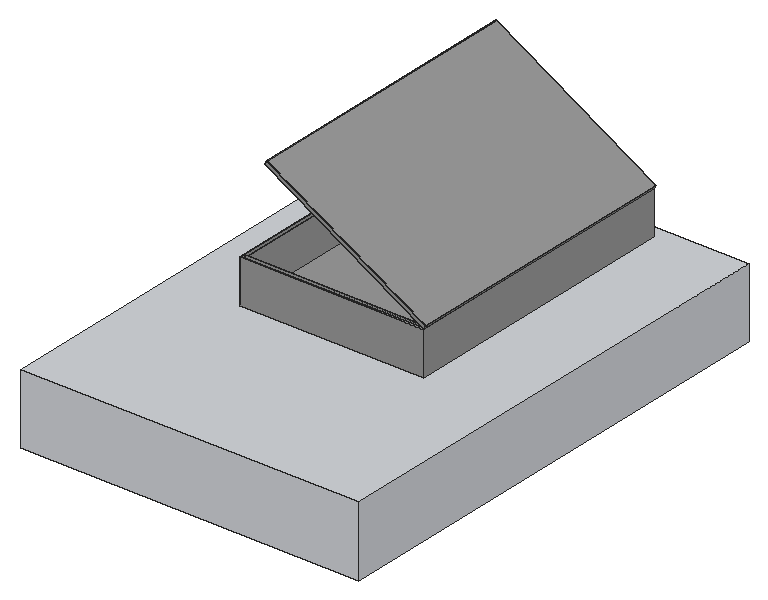
Revit family "Hager-Univers-IP44-D205-H1250-Cl.II-Encl-AT-de", category Equipement électrique, Revit 2020
Family settings
  Hôte = Face
  Configuration du panneau = Deux colonnes, circuits au sein
  Cote de connecteur circulaire = Utiliser le diamètre
  Type d'élément = Tableau de raccordement
  Couper avec des vides une fois chargée = Non
  Partagée = Non
  Point de calcul de pièce = Non
Parameters (values of type "Aufputz IP44 B800 H1250 T205  - FP83SN2")
  Width Control [instance] = if([EF000008 - Breite] > Min Width, [EF000008 - Breite], Min Width)  # 800 mm
  Commentaires du type = [HG000003 - Bereich]  # "Univers"
  Thickness Door [instance] = if([EF009171 - Materialstärke Tür/Deckel] > 3 mm, 3 mm, [EF009171 - Materialstärke Tür/Deckel])  # 1 mm
  Seal Frame Offset [instance] = 17 mm  # constant formula
  Plinth Visibility [instance] = [HG000027 - Sockelhöhe] > 0 mm  # no
  Model = ""
  Min Width [instance] = 100 mm  # constant formula
  Min Height [instance] = 100 mm  # constant formula
  Min Depth [instance] = (2 * [EF009170 - Materialstärke Gehäuse]) + 1 mm  # 3 mm
  Internal Frame Depth [instance] = (Door System Depth * 0.5)  # 9 mm
  Height Control [instance] = if([EF000040 - Höhe] > Min Height, [EF000040 - Höhe], Min Height)  # 1250 mm
  HG000027 - Sockelhöhe = 0 mm
  HG000026 - Stehend auf dem Boden = no
  HG000024 - Höhe des unteren Teils = 800 mm
  HG000023 - Gehäuse mit doppeltem Querschnitt = no
  HG000016 - 3D-Türsichtbarkeit [instance] = yes
  HG000015 - Sichtbarkeit der Türöffnung [instance] = no
  HG000014 - Tür rechts [instance] = yes
  HG000013 - Tür links [instance] = not([HG000014 - Tür rechts])  # no
  HG000012 - Türschwenkwinkel [instance] = 30.00°
  HG000010 - Asymmetrische Türen = no
  HG000009 - Doppelflügeligen Tür = no
  HG000006 - Unterputz = no
  HG000004 - Herstellerreferenz = "FP83SN2"
  HG000003 - Bereich = "Univers"
  HG000002 - Mit tür = yes
  Frame Offset Bottom [instance] = 10 mm  # constant formula
  Frame Offset [instance] = 15 mm  # constant formula
  EF015940 - Deckel mit Überdruckentlastung = no
  EF011959 - Schutzart (NEMA) = ""
  EF009554 - Anzahl der Öffnungen für Flanschplatten = 6
  Fabricant = "Hager"  # constant formula
  EF009212 - Ausführung Deckel = "EV000116 - geschlossen"
  EF009171 - Materialstärke Tür/Deckel = 1 mm
  EF009170 - Materialstärke Gehäuse = 1 mm
  EF008873 - Nennstrom (In) = 250 A
  EF007800 - Geeignet für Blitzschutz = no
  EF006306 - Mit Schloss = no
  EF006244 - Transparenter Deckel/Tür = no
  EF005474 - Schutzart (IP) = "EV006418 - IP44"
  EF004464 - Art der Tür = "EV002646 - Einzel"
  EF004427 - Anzahl der Module = 288
  EF004293 - Schlagfestigkeit = "EV006815 - IK09"
  EF003532 - Geeignet für Außengebrauch = no
  EF002950 - Breite in Teilungseinheiten = 36
  EF001613 - Funktionserhalt = "EV000494 - ohne"
  EF001596 - Werkstoff des Gehäuses = "EV000179 - Stahl"
  EF001131 - Innentiefe = 130 mm
  EF001088 - Anbaumöglichkeit = yes
  EF000437 - Anzahl der Leitungseinführungen = 6
  EF000339 - Art der Abdeckung = "EV004216 - Tür"
  EF000266 - Anzahl der Reihen = 8
  EF000218 - Einbautiefe = 205 mm
  EF000118 - Mit Montageplatte = no
  EF000116 - RAL-Nummer = "9010"
  EF000049 - Tiefe = 205 mm
  EF000040 - Höhe = 1250 mm
  EF000008 - Breite = 800 mm
  EF000007 - Farbe = "EV000202 - weiß"
  EF000003 - Montageart = "EV000384 - Aufputz"
  Door System Leaf Tolerance [instance] = 1.5 mm  # constant formula
  Door System Depth [instance] = 18 mm  # constant formula
  Door Height [instance] = Height Control - [HG000027 - Sockelhöhe]  # 1250 mm
  Depth Control [instance] = if([EF000049 - Tiefe] > Min Depth, [EF000049 - Tiefe], Min Depth)  # 205 mm
  Default Elevation = 0 mm
  Connector Offset [instance] = Height Control / 2  # 625 mm
  Bottom Top Plate Trim [instance] = 1.5 mm  # constant formula
  Plinth height Ctrl [instance] = if([HG000027 - Sockelhöhe] > 0 mm, [HG000027 - Sockelhöhe], 12 mm)  # 12 mm
Types (5, lengths in mm): name | Width Control | HG000010 - Asymmetrische Türen | HG000009 - Doppelflügeligen Tür | HG000004 - Herstellerreferenz | EF009554 - Anzahl der Öffnungen für Flanschplatten | EF004464 - Art der Tür | EF004427 - Anzahl der Module | EF002950 - Breite in Teilungseinheiten | EF001131 - Innentiefe | EF000437 - Anzahl der Leitungseinführungen | EF000339 - Art der Abdeckung | EF000008 - Breite
  Aufputz IP44 B1050 H1250 T205  - FP84SN2 | 1050 | no | yes | "FP84SN2" | 8 | "EV003602 - Doppel" | 384 | 48 | 130 | 8 | "EV004216 - Tür" | 1050
  Aufputz IP44 B1300 H1250 T205  - FP85SN2 | 1300 | yes | yes | "FP85SN2" | 10 | "EV003602 - Doppel" | 480 | 60 | 130 | 10 | "EV004216 - Tür" | 1300
  Aufputz IP44 B300 H1250 T205  - FP81SN2 | 300 | no | no | "FP81SN2" | 2 | "EV002646 - Einzel" | 96 | 12 | 143 | 2 | "EV001012 - Deckel" | 300
  Aufputz IP44 B550 H1250 T205  - FP82SN2 | 550 | no | no | "FP82SN2" | 4 | "EV002646 - Einzel" | 192 | 24 | 143 | 4 | "EV001012 - Deckel" | 550
  Aufputz IP44 B800 H1250 T205  - FP83SN2 | 800 | no | no | "FP83SN2" | 6 | "EV002646 - Einzel" | 288 | 36 | 130 | 6 | "EV004216 - Tür" | 800
Reference planes
  plane 1 "Center (Front/Back)": y = 0
  plane 2: z = 0
  plane 3 "Center (Left/Right)": x = 0
  plane 4: z = 205
  plane 5: y = 1
  plane 6: y = 625
  plane 7: y = 0
  plane 8: y = 1250
  plane 9: z = 0
  plane 10: x = -385
  plane 11: x = 385
  plane 12: x = 384
  plane 13: x = -384
  plane 14: y = 1249
  plane 15: x = -383
  plane 16: x = -400
  plane 17: x = 383
  plane 18: x = 400
  plane 19: x = 399
  plane 20: x = -399
  plane 21: y = 11
  plane 22: y = 1250
  plane 23: y = 1234
  plane 24: z = 187
  plane 25: z = 1
  plane 26: z = 186
  plane 27: z = 204
Forms (mm)
  Extrusion 1, solid
    sketch origin (0, 0, 0) x (1, 0, 0) y (0, 1, 0)
      loop
        line (-702.964, 1305) -> (-702.964, -811.445) -> (766.763, -811.445) -> (766.763, 1305) -> (-702.964, 1305)
    from 0 to -304.8
  Extrusion 2, solid, material "Hager_Steel_RAL7035_Light_Grey", visible <- "Plinth Visibility", detail levels medium+fine
    sketch origin (0, 0, 0) x (1, 0, 0) y (0, 1, 0)
      loop
        line (-400, 0) -> (400, 0) -> (400, 12) -> (-400, 12) -> (-400, 0)
    from 0 to 187
  Extrusion 3, solid, material "Hager_Steel_RAL7035_Light_Grey", detail levels medium+fine
    sketch origin (0, 0, 0) x (1, 0, 0) y (0, 1, 0)
      loop
        line (-400, 0) -> (400, 0) -> (400, 1250) -> (-400, 1250) -> (-400, 0)
    from 0 to 187
  Extrusion 4, void
    sketch origin (0, 0, 0) x (1, 0, 0) y (0, 1, 0)
      loop
        line (-399, 1) -> (399, 1) -> (399, 1249) -> (-399, 1249) -> (-399, 1)
    from 1 to 186
  Extrusion 5, void
    sketch origin (-381.607, -4572, 187) x (0, -1, 0) y (-1, 0, 0)
      loop
        line (-4583, 2.393) -> (-5806, 2.393) -> (-5806, -765.607) -> (-4583, -765.607) -> (-4583, 2.393)
    from 0 to 1 <- "EF009170 - Materialstärke Gehäuse"
  Extrusion 6, solid, material "Hager_Steel_RAL7035_Light_Grey", detail levels fine
    sketch origin (0, 0, 187) x (1, 0, 0) y (0, 1, 0)
      loop
        line (-384, 1234) -> (-384, 11) -> (384, 11) -> (384, 1234) -> (-384, 1234)
      loop
        line (-385, 10) -> (385, 10) -> (385, 1235) -> (-385, 1235) -> (-385, 10)
    from 0 to 9 <- "Internal Frame Depth"
  Extrusion 7, solid, material "Hager_Steel_RAL7035_Light_Grey", detail levels coarse
    sketch origin (0, 0, 0) x (1, 0, 0) y (0, 1, 0)
      loop
        line (-400, 0) -> (400, 0) -> (400, 1250) -> (-400, 1250) -> (-400, 0)
    from 0 to 205
  Sweep 8, void
    path in 3D
      loop
        line (-400, 12, 0) -> (400, 12, 0) -> (400, 12, 187) -> (-400, 12, 187) -> (-400, 12, 0)
    profile origin (-400, 12, 93.5) x (-1, 0, 0) y (0, -1, 0)
      loop
        line (0, 0) -> (0, 1.5) -> (-1.5, 1.5)
        arc (-1.5, 1.5) -> (-1.061, 0.439) -> (0, 0) r 1.5
Cuts and joins
  Extrusion 4, Extrusion 5 cuts Extrusion 3
  Sweep 8 cuts Extrusion 2
Lines and regions (mm)
  Masking region 1
    outline origin (0, 0, 0) x (1, 0, 0) y (0, 0, 1)
      loop
        line (-400, 205) -> (-400, 0) -> (400, 0) -> (400, 205) -> (-400, 205)
  Masking region 2, detail levels medium+fine
    outline origin (0, 140, 0) x (0, 1, 0) y (0, 0, 1)
      loop
        line (-140, 0) -> (1110, 0) -> (1110, 187) -> (-140, 187) -> (-140, 0)
  Masking region 3, not visible, detail levels medium+fine
    outline origin (0, 297.922, 0) x (0, 1, 0) y (0, 0, 1)
      loop
        line (338.578, 0) -> (378.578, 0) -> (378.578, 194)
        arc (378.578, 194) -> (375.649, 201.071) -> (368.578, 204) r 10
        line (368.578, 204) -> (338.578, 204) -> (338.578, 0)
  Masking region 4, detail levels coarse
    outline origin (0, 0, 180) x (0, 1, 0) y (0, 0, 1)
      loop
        line (0, -180) -> (1250, -180) -> (1250, 25) -> (0, 25) -> (0, -180)
  Masking region 5, visible <- "Plinth Visibility", detail levels medium+fine
    outline origin (0, 52.24, 12.345) x (0, 0, -1) y (0, 1, 0)
      loop
        line (10.845, -40.24) -> (-173.155, -40.24)
        arc (-173.155, -40.24) -> (-173.594, -41.301) -> (-174.655, -41.74) r 1.5
        line (-174.655, -41.74) -> (-174.655, -52.24) -> (12.345, -52.24) -> (12.345, -41.74)
        arc (12.345, -41.74) -> (11.285, -41.301) -> (10.845, -40.24) r 1.5
  Masking region 6, detail levels medium+fine
    outline origin (-381.607, -4572, 187) x (-1, 0, 0) y (0, -1, 0)
      loop
        line (18.393, -5822) -> (18.393, -4572) -> (-781.607, -4572) -> (-781.607, -5822) -> (18.393, -5822)
  Masking region 7, visible <- "Plinth Visibility", detail levels medium+fine
    outline origin (-381.607, -4727, 187) x (-1, 0, 0) y (0, -1, 0)
      loop
        arc (16.893, -4739) -> (17.332, -4737.939) -> (18.393, -4737.5) r 1.5
        line (18.393, -4737.5) -> (18.393, -4727) -> (-781.607, -4727) -> (-781.607, -4737.5)
        arc (-781.607, -4737.5) -> (-780.546, -4737.939) -> (-780.107, -4739) r 1.5
        line (-780.107, -4739) -> (16.893, -4739)
  Masking region 8, detail levels coarse
    outline origin (-442.548, -4669.526, 187) x (-1, 0, 0) y (0, -1, 0)
      loop
        line (-42.548, -5919.526) -> (-42.548, -4669.526) -> (-842.548, -4669.526) -> (-842.548, -5919.526) -> (-42.548, -5919.526)
  sketch lines
    curve 1: line (-400, 12, 187) -> (-400, 12, 0)
    curve 2: line (400, 12, 187) -> (-400, 12, 187)
    curve 3: line (400, 12, 187) -> (400, 12, 0)
    curve 4: line (-400, 12, 0) -> (400, 12, 0)
Dimensions and locks
  "Depth Control": plane 4 to Extrusion 1
  "HG000027 - Sockelhöhe": plane 1 "Center (Front/Back)" to plane 7
  "EF009170 - Materialstärke Gehäuse": plane 5 to plane 7
  locked: connector elem to plane 3 "Center (Left/Right)"
  equal spacing: plane 8, plane 6, plane 7
  locked: connector elem to plane 6
  "EF009170 - Materialstärke Gehäuse": plane 8 to plane 14
  "EF009170 - Materialstärke Gehäuse": plane 10 to plane 13
  "EF009170 - Materialstärke Gehäuse": plane 12 to plane 11
  "Frame Offset": plane 20 to plane 13
  "Frame Offset": plane 12 to plane 19
  "EF009170 - Materialstärke Gehäuse": plane 16 to plane 20
  "EF009170 - Materialstärke Gehäuse": plane 19 to plane 18
  "Seal Frame Offset": plane 16 to plane 15
  "Seal Frame Offset": plane 17 to plane 18
  "Frame Offset Bottom": plane 21 to plane 5
  "Frame Offset": plane 14 to plane 23
  equal spacing: plane 16, plane 3 "Center (Left/Right)", plane 18
  "Width Control": plane 16 to plane 18
  "EF009170 - Materialstärke Gehäuse": plane 4 to plane 27
  "EF009170 - Materialstärke Gehäuse": plane 24 to plane 26
  "EF009170 - Materialstärke Gehäuse": plane 25 to level
  "Door System Depth": plane 4 to plane 24
  "Height Control": plane 1 "Center (Front/Back)" to Extrusion 7 sketch curve
  "Height Control": Masking region 4 sketch curve to plane 1 "Center (Front/Back)"
  "Height Control": plane 1 "Center (Front/Back)" to plane 22
  "Bottom Top Plate Trim": profile plane to Sweep 8 sketch curve
  "Bottom Top Plate Trim": Sweep 8 sketch curve to profile plane
  "Plinth height Ctrl": plane 1 "Center (Front/Back)" to Extrusion 2 sketch curve
  "Plinth height Ctrl": Masking region 5 sketch curve to plane 1 "Center (Front/Back)"
  "Plinth height Ctrl": plane 1 "Center (Front/Back)" to Masking region 7 sketch curve
  "Thickness Door": Extrusion 6 sketch curve to Extrusion 6 sketch curve  (x3)
  "Thickness Door": cut or joined group of Extrusion 3, Extrusion 4, Extrusion 5 to Extrusion 6 sketch curve
  radius of Masking region 3 sketch curve = 10 mm
  "Bottom Top Plate Trim": radius of Masking region 5 sketch curve  (x2)
  "Bottom Top Plate Trim": radius of Sweep 8 sketch curve
  "Bottom Top Plate Trim": radius of Masking region 7 sketch curve  (x2)
  aligned and locked: plane 2 to Extrusion 1
  aligned and locked: level to Extrusion 1
  aligned and locked: level to Masking region 1 sketch curve
  aligned and locked: Masking region 1 sketch curve to plane 18
  aligned and locked: Masking region 1 sketch curve to plane 16
  aligned and locked: plane 7 to Masking region 2 sketch curve
  aligned and locked: level to Masking region 3 sketch curve
  aligned and locked: Masking region 3 sketch curve to plane 27
  aligned and locked: level to Masking region 2 sketch curve
  aligned and locked: plane 1 "Center (Front/Back)" to Extrusion 2 sketch curve
  aligned and locked: Extrusion 3 sketch curve to plane 7
  aligned and locked: plane 16 to Extrusion 3 sketch curve
  aligned and locked: plane 18 to Extrusion 3 sketch curve
  aligned and locked: plane 20 to Extrusion 4 sketch curve
  aligned and locked: plane 19 to Extrusion 4 sketch curve
  aligned and locked: Extrusion 4 sketch curve to plane 5
  aligned and locked: Extrusion 4 to plane 25
  aligned and locked: plane 26 to Extrusion 4
  aligned and locked: plane 24 to Extrusion 3
  aligned and locked: Extrusion 5 sketch curve to plane 21
  aligned and locked: Extrusion 5 sketch curve to plane 13
  aligned and locked: Extrusion 5 sketch curve to plane 12
  aligned and locked: plane 18 to Extrusion 7 sketch curve
  aligned and locked: plane 1 "Center (Front/Back)" to Extrusion 7 sketch curve
  aligned and locked: plane 16 to Extrusion 7 sketch curve
  aligned and locked: plane 4 to Extrusion 7
  aligned and locked: Extrusion 7 to level
  aligned and locked: level to Masking region 4 sketch curve
  aligned and locked: Masking region 4 sketch curve to plane 1 "Center (Front/Back)"
  aligned and locked: Masking region 4 sketch curve to plane 4
  aligned and locked: nested 1 to level
  aligned and locked: nested 1 to plane 16
  aligned and locked: plane 8 to Extrusion 3 sketch curve
  aligned and locked: plane 23 to Extrusion 5 sketch curve
  aligned and locked: plane 14 to Extrusion 4 sketch curve
  aligned and locked: Masking region 2 sketch curve to plane 8
  aligned and locked: level to Masking region 5 sketch curve
  aligned and locked: plane 16 to Extrusion 2 sketch curve
  aligned and locked: plane 18 to Extrusion 2 sketch curve
  aligned and locked: Masking region 5 sketch curve to plane 24
  aligned and locked: Masking region 2 sketch curve to plane 24
  aligned and locked: plane 24 to Extrusion 2
  aligned and locked: profile plane to Sweep 8 sketch curve  (x2)
  aligned and locked: Masking region 6 sketch curve to plane 18
  aligned and locked: Masking region 6 sketch curve to plane 22
  aligned and locked: Masking region 6 sketch curve to plane 16
  aligned and locked: plane 8 to plane 22
  aligned and locked: Masking region 6 sketch curve to plane 7
  aligned and locked: Masking region 7 sketch curve to plane 16
  aligned and locked: Masking region 7 sketch curve to plane 1 "Center (Front/Back)"
  aligned and locked: Masking region 7 sketch curve to plane 18
  aligned and locked: Masking region 8 sketch curve to plane 1 "Center (Front/Back)"
  aligned and locked: Masking region 8 sketch curve to plane 18
  aligned and locked: Masking region 8 sketch curve to plane 22
  aligned and locked: Masking region 8 sketch curve to plane 16
  aligned and locked: nested 2 to plane 7
  aligned and locked: plane 3 "Center (Left/Right)" to nested 2
  aligned and locked: nested 2 to plane 24
  aligned and locked: Extrusion 6 sketch curve to cut or joined group of Extrusion 3, Extrusion 4, Extrusion 5  (x4)
Automatic sketch dimensions
  Extrusion 1 sketch curve to Extrusion 1 sketch curve = 1469.727 mm
  Extrusion 1 sketch curve to Extrusion 1 sketch curve = 2116.445 mm
  Masking region 1 sketch curve to plane 4 = 0 mm
  plane 6 to Masking region 3 sketch curve = 11.5 mm
  Masking region 3 sketch curve to Masking region 3 sketch curve = 30 mm
  Masking region 5 sketch curve to plane 1 "Center (Front/Back)" = 0 mm
Nested families
  nested 1: "Hager_Enclosure_Symbol" at (-400, 0, 0) x (1, 0, 0) z (0, -1, 0), Height <- "Depth Control", Width <- "Width Control", type "Hager_Enclosure_Symbol"
    with Width_Ctrl 800 mm, Width 800 mm, Height_Ctrl 205 mm, Height 205 mm, A_Width_Int 13.453 mm, A_Width 161.438 mm, A_Height_Ctrl 179.375 mm, A_Height 179.375 mm
  nested 2: "EC000058_Univers_Door" at (0, 0, 187) x (1, 0, 0) z (0, 1, 0), Leaf_Tolerance <- "Door System Leaf Tolerance", Angle <- "HG000012 - Türschwenkwinkel", Door_Depth <- "Door System Depth", Door_Left <- "HG000013 - Tür links", Transparent <- "EF006244 - Transparenter Deckel/Tür", Assymetrical <- "HG000010 - Asymmetrische Türen", Width <- "Width Control", Clearance <- "HG000015 - Sichtbarkeit der Türöffnung", Double <- "HG000009 - Doppelflügeligen Tür", 3d_Door <- "HG000016 - 3D-Türsichtbarkeit", Lock_Visibility <- "EF006306 - Mit Schloss", Width_Ctrl <- "Width Control", Door_Right <- "HG000014 - Tür rechts", Door <- "HG000002 - Mit tür", Height <- "Door Height", Thickness <- "Thickness Door", type "EC000058_Univers_Door", detail levels medium+fine
    with min_wh 3 mm, Width_Ctrl 800 mm, Width 800 mm, Transparent no, Thickness 1 mm, Seal_Material Hager_Rubber, Lock_Visibility no, Lock_Material Hager_Plastic_RAL9005_Jet_Black, Leaf_Width 800 mm, Leaf_Tolerance_External_Sides 0 mm, Leaf_Tolerance 1.5 mm, Leaf_Offset 0 mm, Leaf_Height 1247 mm, Leaf_2_Width 800 mm, Leaf_2_Offset 400 mm, Leaf_1_Width 800 mm, Leaf_1_Offset 400 mm, Height_Ctrl 1250 mm, Height 1250 mm, Glass_Material Hager_Glass, Double_Clearance_Ctrl no, Double no, Door_Right_Ctrl yes, Door_Right yes, Door_Material Hager_Steel_RAL7035_Light_Grey, Door_Left_Ctrl no, Door_Left no, Door_Depth 18 mm, Door yes, Clearance_Material Hager_Clearance, Clearance_Depth 800 mm, Clearance_Ctrl no, Clearance no, Assymetrical no, Angle 30.00°, 3d_Door yes
Connectors
  electrical at (0, 625, 0)
    settings: on plane 9, index 1, voltage 0 V, apparent load 0 VA, apparent load phase1 0 VA, apparent load phase2 0 VA, apparent load phase3 0 VA, power factor 1, load classification "Other", number of poles 1, system type 30, power factor state 1, is connector primary yes, connector utility no, sub classification motor no, connector description ""
Definition of nested family "EC000058_Univers_Door"
  Parameters (values of type "EC000058_Univers_Door")
    min_wh [instance] = (2 * Thickness) + 1 mm  # 11 mm
    Width_Ctrl [instance] = 400 mm
    Width [instance] = 500 mm
    Transparent [instance] = yes
    Thickness [instance] = 5 mm
    Seal_Material [instance] = none
    Lock_Visibility [instance] = yes
    Lock_Material [instance] = none
    Leaf_Width [instance] = if((Width_Ctrl - 2 * Leaf_Tolerance_External_Sides) > 0 mm, (Width_Ctrl - 2 * Leaf_Tolerance_External_Sides), min_wh)  # 400 mm
    Leaf_Tolerance_External_Sides [instance] = 0 mm  # constant formula
    Leaf_Tolerance [instance] = 1.5 mm
    Leaf_Offset [instance] = 0 mm  # constant formula
    Leaf_Height [instance] = if((Height_Ctrl - 2 * Leaf_Tolerance) > 0 mm, (Height_Ctrl - 2 * Leaf_Tolerance), min_wh)  # 497 mm
    Leaf_2_Width [instance] = if(and(and(Double, Assymetrical), Door_Left), (Leaf_Width / 3) - (Leaf_Tolerance / 2), if(and(and(Double, Assymetrical), Door_Right), (Leaf_Width / 3) * 2 - (Leaf_Tolerance / 2), if(and(Double, not(Assymetrical)), (Leaf_Width / 2) - Leaf_Tolerance, Leaf_Width)))  # 400 mm
    Leaf_2_Offset [instance] = if(and(Double, Assymetrical), Leaf_2_Width / 2, if(and(Double, not(Assymetrical)), Leaf_Width / 4, Leaf_Width / 2))  # 200 mm
    Leaf_1_Width [instance] = if(and(and(Double, Assymetrical), Door_Right), (Leaf_Width / 3) - (Leaf_Tolerance / 2), if(and(and(Double, Assymetrical), Door_Left), (Width / 3) * 2 - (Leaf_Tolerance / 2), if(and(Double, not(Assymetrical)), (Leaf_Width / 2) - Leaf_Tolerance, Leaf_Width)))  # 400 mm
    Leaf_1_Offset [instance] = if(and(Double, Assymetrical), Leaf_1_Width / 2, if(and(Double, not(Assymetrical)), Leaf_Width / 4, Leaf_Width / 2))  # 200 mm
    Height_Ctrl [instance] = if(Height > min_wh, Height, min_wh)  # 500 mm
    Height [instance] = 500 mm
    Glass_Material [instance] = none
    Double_Clearance_Ctrl [instance] = and(Double, Clearance)  # no
    Double [instance] = no
    Door_Right_Ctrl [instance] = and(or(Door_Right, Double), Door)  # yes
    Door_Right [instance] = yes
    Door_Material [instance] = none
    Door_Left_Ctrl [instance] = and(or(Door_Left, Double), Door)  # no
    Door_Left [instance] = no
    Door_Depth [instance] = 30 mm
    Door [instance] = yes
    Default Elevation = 1219.2 mm
    Clearance_Material [instance] = none
    Clearance_Depth [instance] = if(Leaf_1_Width > Leaf_2_Width, Leaf_1_Width, Leaf_2_Width)  # 400 mm
    Clearance_Ctrl [instance] = and(not(Double), Clearance)  # yes
    Clearance [instance] = yes
    Assymetrical [instance] = yes
    Angle [instance] = 30.00°
    3d_Door [instance] = yes
  Reference planes
    plane 1 "Center (Front/Back)": y = 0
    plane 2 "Bottom": z = 0
    plane 3 "Center (Left/Right)": x = 0
    plane 4: z = 500
    plane 5: x = -200
    plane 6: x = 200
    plane 7: z = 500
    plane 8: x = -200
    plane 9: z = 0
    plane 10: x = 200
    plane 11: y = 0
    plane 12: z = 1.5
    plane 13: x = -600
    plane 14: y = -400
    plane 15: x = 600
    plane 16: x = 0
    plane 17: x = 0
    plane 18: x = -200
    plane 19: x = 200
    plane 20: z = 498.5
  Forms (mm)
    Extrusion 1, solid, material <- "Clearance_Material", visible <- "Double_Clearance_Ctrl"
      sketch origin (1200, 0, 0) x (1, 0, 0) y (0, 0, -1)
        loop
          line (-1800, -498.5) -> (-600, -498.5) -> (-600, 0) -> (-1800, 0) -> (-1800, -498.5)
      from 0 to -400
  Dimensions and locks
    equal spacing: plane 5, plane 3 "Center (Left/Right)", plane 6
    "Width_Ctrl": plane 5 to plane 6
    "Leaf_Offset": plane 5 to plane 8
    "Leaf_Offset": plane 6 to plane 10
    "Leaf_Offset": plane 9 to level
    "Leaf_Offset": plane 4 to plane 7
    "Height_Ctrl": plane 4 to level
    "Leaf_Tolerance": plane 12 to plane 9
    locked: plane 11 to plane 1 "Center (Front/Back)"
    "Leaf_1_Offset": plane 18 to plane 16
    "Leaf_2_Offset": plane 17 to plane 19
    "Leaf_1_Width": plane 13 to plane 8
    "Leaf_2_Width": plane 10 to plane 15
    "Clearance_Depth": plane 14 to plane 1 "Center (Front/Back)"
    "Leaf_Tolerance_External_Sides": plane 8 to plane 18
    "Leaf_Tolerance_External_Sides": plane 19 to plane 10
    "Leaf_Tolerance": plane 7 to plane 20
    aligned and locked: level to plane 2 "Bottom"
    aligned and locked: nested 1 to plane 16
    aligned and locked: nested 2 to plane 17
    aligned and locked: Extrusion 1 to plane 13
    aligned and locked: plane 15 to Extrusion 1
    aligned and locked: Extrusion 1 to plane 14
    aligned and locked: plane 12 to nested 1
    aligned and locked: nested 2 to plane 12
    aligned and locked: Extrusion 1 to plane 11
    aligned and locked: plane 20 to Extrusion 1
    aligned and locked: nested 2 to plane 11
    aligned and locked: nested 1 to plane 11
  Automatic sketch dimensions
    Extrusion 1 sketch curve to level = 0 mm
    plane 5 to Extrusion 1 sketch curve = 400 mm
    plane 6 to Extrusion 1 sketch curve = 400 mm
    Extrusion 1 sketch curve to plane 4 = 1.5 mm
  Nested families
    nested 1: "EC000058_Univers_Door_Leaf" at (0, 0, 1.5), Width <- "Leaf_1_Width", visible <- "Door_Left_Ctrl", Leaf_Height <- "Leaf_Height", Angle <- "Angle", 3d_Door <- "3d_Door", Transparent <- "Transparent", Clearance Material <- "Clearance_Material", Clearance <- "Clearance_Ctrl", Door_Material <- "Door_Material", Glass_Material <- "Glass_Material", Door_Depth <- "Door_Depth", Lock_Material <- "Lock_Material", Seal_Material <- "Seal_Material", Lock_Visibility <- "Lock_Visibility", Thickness <- "Thickness", type "EC000058_Univers_Door_Leaf"
      with Width 400 mm, Transparent_Glass_Offset 30 mm, Transparent_Ctrl yes, Transparent yes, Thickness 5 mm, Standard no, Seal_Material none, Seal_D2 8 mm, Seal_D1 1 mm, Offset_Internal_Frame 10 mm, Lock_Width 20 mm, Lock_Visibility_3d yes, Lock_Visibility yes, Lock_Thickness_3 3 mm, Lock_Thickness_2 1 mm, Lock_Thickness_1 3 mm, Lock_Radius_Offset_2 16 mm, Lock_Radius_Offset_1 15 mm, Lock_Radius_2 5 mm, Lock_Radius 6 mm, Lock_Offset 5 mm, Lock_Material none, Lock_Height 80 mm, Lock_Cover_Top_Offset_2d 17 mm, Lock_Cover_Height -65 mm, Leaf_Height 497 mm, Internal_Seal_Thickness 8 mm, Internal_Seal_Depth_2 4.5 mm, Internal_Frame_Depth 25 mm, Glass_Thickness -1 mm, Glass_Offset -2 mm, Glass_Material none, Door_Material none, Door_Depth 30 mm, Clearance Material none, Clearance yes, Angle_Ctrl 30.00°, Angle 30.00°, 3d_Door yes
    nested 2: "EC000058_Univers_Door_Leaf" at (0, 0, 1.5) x (-1, 0, 0) z (0, 0, 1), Width <- "Leaf_2_Width", visible <- "Door_Right_Ctrl", Leaf_Height <- "Leaf_Height", Angle <- "Angle", 3d_Door <- "3d_Door", Transparent <- "Transparent", Clearance Material <- "Clearance_Material", Clearance <- "Clearance_Ctrl", Door_Material <- "Door_Material", Glass_Material <- "Glass_Material", Door_Depth <- "Door_Depth", Lock_Material <- "Lock_Material", Seal_Material <- "Seal_Material", Lock_Visibility <- "Lock_Visibility", Thickness <- "Thickness", type "EC000058_Univers_Door_Leaf"
      with Width 400 mm, Transparent_Glass_Offset 30 mm, Transparent_Ctrl yes, Transparent yes, Thickness 5 mm, Standard no, Seal_Material none, Seal_D2 8 mm, Seal_D1 1 mm, Offset_Internal_Frame 10 mm, Lock_Width 20 mm, Lock_Visibility_3d yes, Lock_Visibility yes, Lock_Thickness_3 3 mm, Lock_Thickness_2 1 mm, Lock_Thickness_1 3 mm, Lock_Radius_Offset_2 16 mm, Lock_Radius_Offset_1 15 mm, Lock_Radius_2 5 mm, Lock_Radius 6 mm, Lock_Offset 5 mm, Lock_Material none, Lock_Height 80 mm, Lock_Cover_Top_Offset_2d 17 mm, Lock_Cover_Height -65 mm, Leaf_Height 497 mm, Internal_Seal_Thickness 8 mm, Internal_Seal_Depth_2 4.5 mm, Internal_Frame_Depth 25 mm, Glass_Thickness -1 mm, Glass_Offset -2 mm, Glass_Material none, Door_Material none, Door_Depth 30 mm, Clearance Material none, Clearance yes, Angle_Ctrl 30.00°, Angle 30.00°, 3d_Door yes
  Definition of nested family "EC000058_Univers_Door_Leaf"
    Parameters (values of type "EC000058_Univers_Door_Leaf")
      Width [instance] = 2000 mm
      Transparent_Glass_Offset [instance] = 30 mm
      Transparent_Ctrl [instance] = and(Transparent, [3d_Door])  # yes
      Transparent [instance] = yes
      Thickness [instance] = 5 mm
      Standard [instance] = and(not(Transparent), [3d_Door])  # no
      Seal_Material [instance] = none
      Seal_D2 [instance] = 8 mm  # constant formula
      Seal_D1 [instance] = 1 mm  # constant formula
      Offset_Internal_Frame [instance] = 10 mm  # constant formula
      Lock_Width [instance] = 20 mm  # constant formula
      Lock_Visibility_3d [instance] = and(Lock_Visibility, [3d_Door])  # yes
      Lock_Visibility [instance] = yes
      Lock_Thickness_3 [instance] = 3 mm  # constant formula
      Lock_Thickness_2 [instance] = 1 mm  # constant formula
      Lock_Thickness_1 [instance] = 3 mm  # constant formula
      Lock_Radius_Offset_2 [instance] = Lock_Radius_Offset_1 + 1 mm  # 16 mm
      Lock_Radius_Offset_1 [instance] = 15 mm  # constant formula
      Lock_Radius_2 [instance] = Lock_Radius - 1 mm  # 5 mm
      Lock_Radius [instance] = 6 mm  # constant formula
      Lock_Offset [instance] = 5 mm  # constant formula
      Lock_Material [instance] = none
      Lock_Height [instance] = 80 mm  # constant formula
      Lock_Cover_Top_Offset_2d [instance] = Lock_Radius_Offset_2 + 1 mm  # 17 mm
      Lock_Cover_Height [instance] = -(Lock_Height - Lock_Radius_Offset_1)  # -65 mm
      Leaf_Height [instance] = 2720.336 mm
      Internal_Seal_Thickness [instance] = 8 mm  # constant formula
      Internal_Seal_Depth_2 [instance] = 4.5 mm  # constant formula
      Internal_Frame_Depth [instance] = if(Door_Depth - Thickness > 5 mm, Door_Depth - Thickness, 5 mm)  # 25 mm
      Glass_Thickness [instance] = if(Thickness > 15 mm, Glass_Offset + 10 mm, -1 mm)  # -1 mm
      Glass_Offset [instance] = if(Thickness > 15 mm, -(Thickness + 10 mm) / 2, -2 mm)  # -2 mm
      Glass_Material [instance] = none
      Door_Material [instance] = none
      Door_Depth [instance] = 30 mm
      Default Elevation = 0 mm
      Clearance Material [instance] = none
      Clearance [instance] = yes
      Angle_Ctrl [instance] = if(Angle > 180.00°, 180.00°, Angle)  # 90.00°
      Angle [instance] = 90.00°
      3d_Door [instance] = yes
    Reference planes
      plane 1 "Center (Front/Back)": y = 0
      plane 2: z = 0
      plane 3 "Center (Left/Right)": x = 0
      plane 4: y = 2000
      plane 5: x = -1000
      plane 6: x = 1000
      plane 7: x = -3000
      plane 8: z = 2720.336
      plane 9: z = 30
      plane 10: z = 2690.336
      plane 11: x = 970
      plane 12: x = -970
      plane 13: y = -3
      plane 14: z = 107.833
      plane 15: y = -5
      plane 16: y = -223.314
      plane 17: x = -1000
      plane 18: z = 1360.168
      plane 19: y = 30
    Forms (mm)
      Extrusion 1, solid, material <- "Clearance Material", visible <- "Clearance"
        sketch origin (0, 0, 0) x (1, 0, 0) y (0, 0, 1)
          loop
            line (-3000, 2720.336) -> (-3000, 0) -> (1000, 0) -> (1000, 2720.336) -> (-3000, 2720.336)
        from 0 to -2000
      Extrusion 2, solid, material <- "Door_Material", visible <- "Standard", detail levels medium+fine
        sketch origin (-1000, 0, 0) x (0, 1, 0) y (-1, 0, 0)
          loop
            line (0, 30) -> (0, 25) -> (2000, 25) -> (2000, 30) -> (0, 30)
        from 0 to 2720.336 <- "Leaf_Height"
      Extrusion 3, solid, material <- "Door_Material", visible <- "Transparent_Ctrl", detail levels medium+fine
        sketch origin (-1000, 0, 0) x (0, 1, 0) y (-1, 0, 0)
          loop
            line (0, 25) -> (2000, 25) -> (2000, 30) -> (0, 30) -> (0, 25)
        from 0 to 2720.336 <- "Leaf_Height"
      Extrusion 4, void
        sketch origin (-1025, 2000, 0) x (0, 1, 0) y (0, 0, -1)
          loop
            line (-30, -2690.336) -> (-30, -30) -> (-1970, -30) -> (-1970, -2690.336) -> (-30, -2690.336)
        from 0 to 5 <- "Thickness"
      Sweep 5, solid, material <- "Seal_Material", visible <- "Transparent_Ctrl", detail levels fine
        path in 3D
          loop
            line (-1025, 30, 30) -> (-1025, 30, 2690.336) -> (-1025, 1970, 2690.336) -> (-1025, 1970, 30) -> (-1025, 30, 30)
        profile origin (-1025, 1000, 30) x (1, 0, 0) y (0, 0, 1)
          loop
            line (0, 0) -> (0, -8) -> (1, -8) -> (1, 0) -> (0, 0)
      Extrusion 6, solid, material <- "Glass_Material", visible <- "Transparent_Ctrl", detail levels medium+fine
        sketch origin (-1030, 0, 0) x (0, 1, 0) y (0, 0, -1)
          loop
            line (1970, -2690.336) -> (1970, -30) -> (30, -30) -> (30, -2690.336) -> (1970, -2690.336)
        from -2 <- "Glass_Offset" to -1 <- "Glass_Thickness"
      Extrusion 7, solid, material <- "Door_Material", visible <- "3d_Door", detail levels medium+fine
        sketch origin (-1025, 2000, 0) x (0, -1, 0) y (0, 0, -1)
          loop
            line (0, -2720.336) -> (2000, -2720.336) -> (2000, 0) -> (0, 0) -> (0, -2720.336)
          loop
            line (1995, -5) -> (5, -5) -> (5, -2715.336) -> (1995, -2715.336) -> (1995, -5)
        from 0 to 25 <- "Internal_Frame_Depth"
      Sweep 8, solid, material <- "Seal_Material", visible <- "Transparent_Ctrl", detail levels fine
        path in 3D
          loop
            line (-1025, 0, 0) -> (-1025, 2000, 0) -> (-1025, 2000, 2720.336) -> (-1025, 0, 2720.336) -> (-1025, 0, 0)
        profile origin (-1025, 0, 1360.168) x (1, 0, 0) y (0, 1, 0)
          loop
            line (0, 10) -> (2.975, 10)
            arc (2.975, 10) -> (4.053, 10.447) -> (4.5, 11.525) r 1.525
            line (4.5, 11.525) -> (4.5, 16.527)
            arc (4.5, 16.527) -> (4.069, 17.569) -> (3.027, 18) r 1.473
            line (3.027, 18) -> (0, 18) -> (0, 10)
      Extrusion 9, solid, material <- "Lock_Material", visible <- "Lock_Visibility_3d", detail levels fine
        sketch origin (-1030, 0, 0) x (0, 1, 0) y (0, 0, -1)
          loop
            arc (1993.5, -1400.168) -> (1994.561, -1399.729) -> (1995, -1398.668) r 1.5
            line (1995, -1398.668) -> (1995, -1320.168) -> (1975, -1320.168) -> (1975, -1398.668)
            arc (1975, -1398.668) -> (1975.439, -1399.729) -> (1976.5, -1400.168) r 1.5
            line (1976.5, -1400.168) -> (1993.5, -1400.168)
        from 3 <- "Lock_Thickness_1" to 0
      Blend 10, solid, material <- "Lock_Material", visible <- "Lock_Visibility_3d", detail levels fine
        base sketch origin (-1033, 0, 0) x (0, 1, 0) y (0, 0, -1)
          loop
            line (1975, -1320.168) -> (1975, -1398.668)
            arc (1975, -1398.668) -> (1975.439, -1399.729) -> (1976.5, -1400.168) r 1.5
            line (1976.5, -1400.168) -> (1993.5, -1400.168)
            arc (1993.5, -1400.168) -> (1994.561, -1399.729) -> (1995, -1398.668) r 1.5
            line (1995, -1398.668) -> (1995, -1320.168) -> (1975, -1320.168)
        top sketch origin (-1033, 0, 0) x (0, 1, 0) y (0, 0, -1)
          loop
            line (1976, -1320.168) -> (1976, -1398.668)
            arc (1976, -1398.668) -> (1976.146, -1399.022) -> (1976.5, -1399.168) r 0.5
            line (1976.5, -1399.168) -> (1993.5, -1399.168)
            arc (1993.5, -1399.168) -> (1993.854, -1399.022) -> (1994, -1398.668) r 0.5
            line (1994, -1398.668) -> (1994, -1320.168) -> (1976, -1320.168)
        from 0 to 1 <- "Lock_Thickness_2"
      Blend 11, solid, material <- "Lock_Material", visible <- "Lock_Visibility_3d", detail levels fine
        base sketch origin (-1034, 0, 0) x (0, 1, 0) y (0, 0, -1)
          loop
            line (1978, -1320.168) -> (1978, -1384.168)
            arc (1978, -1384.168) -> (1985, -1391.168) -> (1992, -1384.168) r 7
            line (1992, -1384.168) -> (1992, -1320.168) -> (1978, -1320.168)
        top sketch origin (-1034, 0, 0) x (0, 1, 0) y (0, 0, -1)
          loop
            line (1991, -1320.168) -> (1979, -1320.168) -> (1979, -1383.168)
            arc (1979, -1383.168) -> (1985, -1389.168) -> (1991, -1383.168) r 6
            line (1991, -1383.168) -> (1991, -1320.168)
        from 0 to 3 <- "Lock_Thickness_3"
      Extrusion 12, solid, material <- "Lock_Material", visible <- "Lock_Visibility_3d", detail levels fine
        sketch origin (-1030, 1975, 1320.168) x (1, 0, 0) y (0, -1, 0)
          loop
            line (-7, -19) -> (-7, -1) -> (0, -1) -> (0, 0) -> (-8, 0) -> (-8, -20) -> (0, -20) -> (0, -19) -> (-7, -19)
        from 0 to -65 <- "Lock_Cover_Height"
      Extrusion 13, void
        sketch origin (-1038, 1995, 1320.168) x (-1, 0, 0) y (0, 0, -1)
          loop
            line (-5, -65) -> (0, -65) -> (-5, -60) -> (-5, -65)
        from 0 to 20 <- "Lock_Width"
      Extrusion 14, void
        sketch origin (-1038, 1975, 1320.168) x (0, -1, 0) y (0, 0, -1)
          loop
            circle (-10, -15.995) r 6
          loop
            circle (-10, -15.995) r 5
        from 0 to 2
      Extrusion 15, solid, material <- "Lock_Material", visible <- "Lock_Visibility_3d", detail levels medium
        sketch origin (-1030, 0, 0) x (0, 1, 0) y (0, 0, -1)
          loop
            arc (1993.5, -1400.168) -> (1994.561, -1399.729) -> (1995, -1398.668) r 1.5
            line (1995, -1398.668) -> (1995, -1320.168) -> (1975, -1320.168) -> (1975, -1398.668)
            arc (1975, -1398.668) -> (1975.439, -1399.729) -> (1976.5, -1400.168) r 1.5
            line (1976.5, -1400.168) -> (1993.5, -1400.168)
        from 8 to 0
    Cuts and joins
      Extrusion 4 cuts Extrusion 3
      Extrusion 13, Extrusion 14 cuts Extrusion 9
      Extrusion 14 cuts Blend 11
      Extrusion 13, Extrusion 14 cuts Extrusion 12
      joined: Extrusion 9, Blend 10, Blend 11, Extrusion 12
      Extrusion 14 cuts Extrusion 15
    Lines and regions (mm)
      Masking region 1, visible <- "Lock_Visibility", detail levels fine
        outline origin (0, 0, 0) x (0, 1, 0) y (0, 0, 1)
          loop
            line (30, 1320.168) -> (33, 1320.168) -> (33, 1400.168) -> (30, 1400.168) -> (30, 1320.168)
      Masking region 2, visible <- "Lock_Visibility", detail levels fine
        outline origin (0, 3.143, 0) x (0, 1, 0) y (0, 0, 1)
          loop
            line (29.857, 1354.168) -> (30.857, 1354.168) -> (30.857, 1366.168) -> (29.857, 1366.168) -> (29.857, 1354.168)
      Masking region 3, detail levels medium+fine
        outline origin (0, 0, 0) x (0, 1, 0) y (0, 0, 1)
          loop
            line (0, 0) -> (30, 0) -> (30, 2720.336) -> (0, 2720.336) -> (0, 0)
      Masking region 4, detail levels medium+fine
        outline origin (0, 0, 0) x (1, 0, 0) y (0, 0, 1)
          loop
            line (-1000, 2720.336) -> (-1000, 0) -> (1000, 0) -> (1000, 2720.336) -> (-1000, 2720.336)
      Masking region 5, visible <- "Lock_Visibility", detail levels fine
        outline origin (-47.116, 0, 0) x (1, 0, 0) y (0, 0, 1)
          loop
            arc (1024.616, 1399.168) -> (1023.556, 1398.729) -> (1023.116, 1397.668) r 1.5
            line (1023.116, 1397.668) -> (1023.116, 1320.168) -> (1041.116, 1320.168) -> (1041.116, 1397.668)
            arc (1041.116, 1397.668) -> (1040.677, 1398.729) -> (1039.616, 1399.168) r 1.5
            line (1039.616, 1399.168) -> (1024.616, 1399.168)
      Masking region 6, visible <- "Lock_Visibility", detail levels medium+fine
        outline origin (-25, 0, 0) x (1, 0, 0) y (0, 0, 1)
          loop
            arc (1001.5, 1400.168) -> (1000.439, 1399.729) -> (1000, 1398.668) r 1.5
            line (1000, 1398.668) -> (1000, 1320.168) -> (1020, 1320.168) -> (1020, 1398.668)
            arc (1020, 1398.668) -> (1019.561, 1399.729) -> (1018.5, 1400.168) r 1.5
            line (1018.5, 1400.168) -> (1001.5, 1400.168)
      Masking region 7, visible <- "Lock_Visibility", detail levels fine
        outline origin (-73.735, 0, 0) x (1, 0, 0) y (0, 0, 1)
          loop
            line (1051.735, 1382.168) -> (1065.735, 1382.168) -> (1065.735, 1384.168)
            arc (1065.735, 1384.168) -> (1058.735, 1391.168) -> (1051.735, 1384.168) r 7
            line (1051.735, 1384.168) -> (1051.735, 1382.168)
      Masking region 8, visible <- "Lock_Visibility", detail levels fine
        outline origin (-73.735, 0, 0) x (1, 0, 0) y (0, 0, 1)
          loop
            line (1052.735, 1382.168) -> (1064.735, 1382.168) -> (1064.735, 1383.168)
            arc (1064.735, 1383.168) -> (1058.735, 1389.168) -> (1052.735, 1383.168) r 6
            line (1052.735, 1383.168) -> (1052.735, 1382.168)
      Masking region 9, visible <- "Lock_Visibility", detail levels fine
        outline origin (-25, 0, 0) x (1, 0, 0) y (0, 0, 1)
          loop
            line (1020, 1320.168) -> (1020, 1382.168) -> (1000, 1382.168) -> (1000, 1320.168) -> (1020, 1320.168)
      Masking region 10, detail levels medium+fine
        outline origin (0, 0, 0) x (1, 0, 0) y (0, 0, 1)
          loop
            circle (985, 1335.144) r 6
      Masking region 11, detail levels fine
        outline origin (0, 0, 0) x (1, 0, 0) y (0, 0, 1)
          loop
            circle (985, 1335.144) r 5
      Masking region 12, visible <- "Lock_Visibility", detail levels fine
        outline origin (0, 12.767, 0) x (0, 1, 0) y (0, 0, 1)
          loop
            line (20.233, 1320.168) -> (21.233, 1320.168) -> (21.233, 1399.168) -> (20.233, 1400.168) -> (20.233, 1320.168)
      Masking region 13, visible <- "Lock_Visibility", detail levels fine
        outline origin (0, 13.767, -10) x (0, 1, 0) y (0, 0, 1)
          loop
            line (20.233, 1330.168) -> (23.233, 1330.168) -> (23.233, 1399.168) -> (20.233, 1402.168) -> (20.233, 1330.168)
      Masking region 14, visible <- "Lock_Visibility", detail levels fine
        outline origin (0, 12.767, -10) x (0, 1, 0) y (0, 0, 1)
          loop
            line (20.233, 1330.168) -> (25.233, 1330.168) -> (25.233, 1399.305) -> (20.233, 1394.305) -> (20.233, 1330.168)
      Masking region 15, visible <- "Lock_Visibility", detail levels medium
        outline origin (0, 0, 0) x (0, 1, 0) y (0, 0, 1)
          loop
            line (30, 1320.168) -> (38, 1320.168) -> (38, 1400.168) -> (30, 1400.168) -> (30, 1320.168)
      Masking region 16, visible <- "Lock_Visibility", detail levels fine
        outline origin (-1000, 0, 0) x (0, 1, 0) y (-1, 0, 0)
          loop
            line (1975, 30) -> (1995, 30) -> (1995, 38) -> (1975, 38) -> (1975, 30)
          loop
            line (1979, 37) -> (1976, 37) -> (1976, 34) -> (1978, 34) -> (1979, 37)
          loop
            line (1994, 37) -> (1991, 37) -> (1992, 34) -> (1994, 34) -> (1994, 37)
      Masking region 17, visible <- "Lock_Visibility", detail levels medium
        outline origin (-1000, 0, 0) x (0, 1, 0) y (-1, 0, 0)
          loop
            line (1975, 30) -> (1995, 30) -> (1995, 38) -> (1975, 38) -> (1975, 30)
      symbolic lines
        curve 1: line (1000, 0, 0) -> (-3000, 0, 0)
        curve 2: arc (1000, 0, 0) -> (-1000, 2000, 0) -> (-3000, 0, 0) r 2000
        curve 4: line (-1030, 0, 0) -> (-1030, 2000, 0)
      reference lines
        curve 3: line (-1000, 0, 0) -> (-1000, 2000, 0)
      symbolic lines, detail levels medium+fine
        curve 5: line (-1030, 2000, 0) -> (-1025, 2000, 0)
        curve 7: line (-1025, 0, 0) -> (-1030, 0, 0)
        curve 8: line (-1025, 0, 0) -> (-1000, 0, 0)
        curve 9: line (-1000, 0, 0) -> (-1000, 2000, 0)
        curve 10: line (-1000, 2000, 0) -> (-1025, 2000, 0)
      symbolic lines, detail levels fine
        curve 6: line (-1025, 2000, 0) -> (-1025, 0, 0)
      sketch lines
        curve 11: line (-1025, 0, 2720.336) -> (-1025, 0, 0)
        curve 12: line (-1025, 2000, 0) -> (-1025, 0, 0)
        curve 13: line (-1025, 2000, 2720.336) -> (-1025, 2000, 0)
        curve 14: line (-1025, 0, 2720.336) -> (-1025, 2000, 2720.336)
        curve 15: line (-1025, 1970, 30) -> (-1025, 30, 30)
        curve 16: line (-1025, 30, 30) -> (-1025, 30, 2690.336)
        curve 17: line (-1025, 1970, 2690.336) -> (-1025, 1970, 30)
        curve 18: line (-1025, 30, 2690.336) -> (-1025, 1970, 2690.336)
      symbolic lines, visible <- "Transparent", detail levels medium+fine
        curve 19: line (-970, 0, 2690.336) -> (970, 0, 2690.336)
        curve 20: line (-970, 0, 30) -> (-970, 0, 2690.336)
        curve 21: line (970, 0, 30) -> (-970, 0, 30)
        curve 22: line (970, 0, 2690.336) -> (970, 0, 30)
    Dimensions and locks
      "Width": plane 1 "Center (Front/Back)" to plane 4
      equal spacing: plane 5, plane 3 "Center (Left/Right)", plane 6
      "Width": plane 5 to plane 6
      "Width": plane 7 to plane 5
      "Leaf_Height": plane 8 to level
      "Width": curve 5 to curve 3
      "Width": curve 3 to curve 3
      plane 8 to plane 10 = 30 mm
      plane 9 to level = 30 mm
      plane 12 to plane 5 = 30 mm
      plane 6 to plane 11 = 30 mm
      Extrusion 1 to Extrusion 4 sketch curve = 30 mm
      "Transparent_Glass_Offset": curve 3 to Extrusion 4 sketch curve
      "Transparent_Glass_Offset": Extrusion 4 sketch curve to cut or joined group of Extrusion 3, Extrusion 4  (x2)
      cut or joined group of Extrusion 3, Extrusion 4 to Extrusion 6 sketch curve = 30 mm
      "Transparent_Glass_Offset": cut or joined group of Extrusion 3, Extrusion 4 to Extrusion 4 sketch curve
      "Thickness": curve 6 to curve 4
      "Thickness": Extrusion 7 sketch curve to Extrusion 7 sketch curve  (x4)
      "Door_Depth": curve 4 to curve 3
      "Offset_Internal_Frame": profile plane to Sweep 8 sketch curve
      "Internal_Seal_Thickness": Sweep 8 sketch curve to Sweep 8 sketch curve
      "Internal_Seal_Depth_2": profile plane to Sweep 8 sketch curve
      "Seal_D1": profile plane to Sweep 5 sketch curve
      "Seal_D2": profile plane to Sweep 5 sketch curve
      "Thickness": Extrusion 2 sketch curve to Extrusion 2 sketch curve
      equal spacing: Extrusion 9 sketch curve, plane 18, Extrusion 9 sketch curve  (x2)
      equal spacing: Masking region 1 sketch curve, plane 18, Masking region 1 sketch curve
      "Lock_Height": Masking region 1 sketch curve to Masking region 1 sketch curve
      "Lock_Radius": Masking region 2 sketch curve to plane 18 to Masking region 2 sketch curve
      Masking region 2 sketch curve to Masking region 1 = 1 mm
      "Door_Depth": plane 19 to plane 1 "Center (Front/Back)"
      "Lock_Thickness_1": Masking region 1 sketch curve to plane 19
      "Lock_Width": Extrusion 9 sketch curve to Extrusion 9 sketch curve
      "Lock_Height": Extrusion 9 sketch curve to Extrusion 9 sketch curve
      "Lock_Offset": cut or joined group of Extrusion 3, Extrusion 4 to Extrusion 9 sketch curve
      equal spacing: plane 8, plane 18, level
      "Lock_Radius_Offset_1": Blend 11 sketch curve to Blend 10
      locked: Blend 10 to Blend 11 sketch curve at 2  (x2)
      locked: var sketch to Blend 11 sketch curve at 1  (x2)
      "Lock_Radius_Offset_2": Blend 11 sketch curve to Blend 10
      locked: Extrusion 12 sketch curve to Extrusion 12 sketch curve at 1  (x3)
      Masking region 6 sketch curve to Masking region 6 sketch curve = 80 mm
      "Lock_Height": Masking region 6 sketch curve to Masking region 6 sketch curve
      "Lock_Width": Masking region 6 sketch curve to Masking region 6 sketch curve
      locked: Masking region 6 to Masking region 5 sketch curve at 1  (x3)
      locked: Masking region 5 to Masking region 7 sketch curve at 2  (x2)
      "Lock_Radius_Offset_1": Masking region 5 to Masking region 7 sketch curve
      "Lock_Radius_Offset_2": Masking region 5 to Masking region 8 sketch curve
      locked: Masking region 7 to Masking region 8 sketch curve at 1  (x2)
      "Lock_Cover_Top_Offset_2d": Masking region 5 to Masking region 9 sketch curve
      equal spacing: Masking region 9, Masking region 10 sketch curve, Masking region 9
      equal spacing: Masking region 9, Masking region 11 sketch curve, Masking region 9
      Extrusion 15 sketch curve to Extrusion 15 sketch curve = 80 mm
      "Lock_Width": Extrusion 15 sketch curve to Extrusion 15 sketch curve
      "Lock_Height": Extrusion 15 sketch curve to Extrusion 15 sketch curve
      equal spacing: Extrusion 15 sketch curve, plane 18, Extrusion 15 sketch curve
      "Lock_Thickness_3": Masking region 13 sketch curve to Masking region 13 sketch curve
      "Lock_Height": Masking region 12 sketch curve to Masking region 12 sketch curve
      locked: Masking region 13 sketch curve to Masking region 1 at 8
      locked: Masking region 14 sketch curve to Masking region 13 at 1
      locked: Masking region 14 sketch curve to Masking region 1 at 10.863
      "Lock_Height": Masking region 15 sketch curve to Masking region 15 sketch curve
      "Lock_Offset": Extrusion 15 sketch curve to cut or joined group of Extrusion 3, Extrusion 4
      "Lock_Offset": plane 6 to Masking region 6 sketch curve
      radius of Sweep 8 sketch curve = 1.525 mm
      radius of Sweep 8 sketch curve = 1.473 mm
      radius of Extrusion 9 sketch curve = 1.5 mm  (x2)
      "Lock_Radius": radius of Extrusion 14 sketch curve
      "Lock_Radius_2": radius of Extrusion 14 sketch curve
      "Lock_Radius": radius of Masking region 10 sketch curve
      "Lock_Radius_2": radius of Masking region 11 sketch curve
      radius of Extrusion 15 sketch curve = 1.5 mm  (x2)
      "Angle_Ctrl": angle plane 1 "Center (Front/Back)" to curve 3
      locked: Masking region 12 sketch curve to Masking region 12 sketch curve (angle 45.00°)
      locked: Masking region 13 sketch curve to Masking region 13 sketch curve (angle 45.00°)
      locked: Masking region 14 sketch curve to Masking region 14 sketch curve (angle 45.00°)
      aligned and locked: level to plane 2
      aligned and locked: Extrusion 1 to curve 1
      aligned and locked: plane 6 to Extrusion 1
      aligned and locked: Extrusion 1 to plane 1 "Center (Front/Back)"
      aligned and locked: plane 4 to Extrusion 1
      aligned and locked: plane 8 to Extrusion 1
      aligned and locked: curve 7 to Extrusion 2 sketch curve
      aligned and locked: curve 5 to Extrusion 2 sketch curve
      aligned and locked: curve 7 to Extrusion 3 sketch curve
      aligned and locked: Extrusion 3 sketch curve to curve 4
      aligned and locked: Extrusion 3 sketch curve to curve 6
      aligned and locked: Extrusion 3 sketch curve to curve 5
      aligned and locked: curve 9 to curve 3
      aligned and locked: Extrusion 7 sketch curve to cut or joined group of Extrusion 3, Extrusion 4  (x4)
      aligned and locked: plane 17 to curve 3
      aligned and locked: plane 1 "Center (Front/Back)" to curve 3
      aligned and locked: plane 17 to plane 5
      aligned and locked: Sweep 8 sketch curve to profile plane
      aligned and locked: Sweep 5 sketch curve to profile plane  (x2)
      aligned and locked: Masking region 1 to Masking region 2 sketch curve
      aligned and locked: plane 19 to Masking region 1 sketch curve
      aligned and locked: plane 1 "Center (Front/Back)" to Masking region 3 sketch curve
      aligned and locked: plane 19 to Masking region 3 sketch curve
      aligned and locked: level to Masking region 3 sketch curve
      aligned and locked: Masking region 3 sketch curve to plane 8
      aligned and locked: plane 17 to Masking region 4 sketch curve
      aligned and locked: level to Masking region 4 sketch curve
      aligned and locked: Masking region 4 sketch curve to plane 8
      aligned and locked: plane 12 to curve 20
      aligned and locked: plane 10 to curve 19
      aligned and locked: plane 11 to curve 22
      aligned and locked: curve 21 to plane 9
      aligned and locked: Extrusion 2 sketch curve to cut or joined group of Extrusion 3, Extrusion 4
      aligned and locked: Blend 10 sketch curve to Extrusion 9  (x4)
      aligned and locked: Extrusion 9 to Blend 10 sketch curve
      aligned and locked: Blend 10 to Blend 11 sketch curve
      aligned and locked: Extrusion 12 sketch curve to Blend 11
      aligned and locked: Extrusion 12 sketch curve to Extrusion 9  (x4)
      aligned and locked: Masking region 5 sketch curve to Masking region 6
      aligned and locked: Masking region 9 sketch curve to Masking region 6  (x3)
      aligned and locked: Masking region 12 sketch curve to Masking region 1
      aligned and locked: Masking region 13 sketch curve to Masking region 1
      aligned and locked: Masking region 12 to Masking region 14
      aligned and locked: Masking region 14 sketch curve to Masking region 1
      aligned and locked: Masking region 15 sketch curve to Masking region 14
      aligned and locked: Masking region 13 sketch curve to Masking region 12
      aligned and locked: Masking region 16 sketch curve to cut or joined group of Extrusion 14, Extrusion 15  (x4)
      aligned and locked: Masking region 16 sketch curve to cut or joined group of Extrusion 9, Blend 10, Blend 11, Extrusion 12, Extrusion 13, Extrusion 14  (x6)
      aligned and locked: cut or joined group of Extrusion 9, Blend 10, Blend 11, Extrusion 12, Extrusion 13, Extrusion 14 to Masking region 16 sketch curve
      aligned and locked: Masking region 17 sketch curve to cut or joined group of Extrusion 14, Extrusion 15  (x3)
      aligned and locked: Masking region 17 sketch curve to cut or joined group of Extrusion 9, Blend 10, Blend 11, Extrusion 12, Extrusion 13, Extrusion 14
      aligned and locked: Masking region 9 to Masking region 8 sketch curve
      aligned and locked: Masking region 9 to Masking region 7 sketch curve
    Automatic sketch dimensions
      plane 1 "Center (Front/Back)" to curve 2 = 0 mm
      curve 2 to plane 5 = 0 mm
      Extrusion 1 sketch curve to level = 0 mm
      Extrusion 1 sketch curve to plane 7 = 0 mm
      Extrusion 1 sketch curve to plane 6 = 0 mm
      Extrusion 1 sketch curve to plane 8 = 0 mm
      Extrusion 3 to Extrusion 6 sketch curve = 30 mm  (x4)
      Masking region 4 sketch curve to plane 6 = 0 mm
      Blend 10 sketch curve to Extrusion 9 = 1.5 mm
      Blend 10 sketch curve to Extrusion 9 = 1 mm
      Extrusion 13 sketch curve to Extrusion 12 = 0 mm  (x2)
      Extrusion 12 to Extrusion 13 sketch curve = 3 mm
      Extrusion 13 sketch curve to Extrusion 12 = 5 mm
      Extrusion 14 sketch curve to Extrusion 14 sketch curve = 0 mm  (x2)
      Extrusion 14 sketch curve to Extrusion 12 = 10 mm
      Extrusion 14 sketch curve to Extrusion 12 = 15.995 mm
      Masking region 5 sketch curve to Masking region 5 sketch curve = 1.5 mm  (x2)
      Masking region 10 sketch curve to plane 18 = 25.024 mm
      Masking region 11 sketch curve to plane 18 = 25.024 mm
      plane 19 to Masking region 14 sketch curve = 3 mm
      Masking region 16 sketch curve to Masking region 16 sketch curve = 3 mm
      curve 4 to curve 3 = 0 mm
      Blend 10 to Blend 11 sketch curve = 0 mm
      Masking region 6 sketch curve to Masking region 6 sketch curve = 1.5 mm  (x2)
      Masking region 6 sketch curve to plane 18 = 40 mm
      plane 19 to Masking region 12 sketch curve = 3 mm
      Masking region 12 sketch curve to Masking region 12 sketch curve = 1 mm
      Masking region 15 sketch curve to plane 19 = 0 mm
      Masking region 15 sketch curve to plane 18 = 40 mm
      radius of Blend 10 sketch curve to Extrusion 9 = 1 mm
Definition of nested family "Hager_Enclosure_Symbol"
  Parameters (values of type "Hager_Enclosure_Symbol")
    Width_Ctrl [instance] = if(Width > 1 mm, Width, 1 mm)  # 102.27 mm
    Width [instance] = 102.27 mm
    Height_Ctrl [instance] = if(Height > 1 mm, Height, 1 mm)  # 66.5 mm
    A_Width_Int [instance] = if(A_Width / 12 > 2 mm, A_Width / 12, 2 mm)  # 4.364 mm
    A_Width [instance] = if(A_Height_Ctrl * 0.9 > 2 mm, A_Height_Ctrl * 0.9, 2 mm)  # 52.369 mm
    A_Height_Ctrl [instance] = if(A_Height > 2 mm, A_Height, 2 mm)  # 58.188 mm
    Height [instance] = 66.5 mm
    A_Height [instance] = Height - (Height / 8)  # 58.188 mm
  Reference planes
    plane 1 "Centre (avant/arrière)": y = 0
    plane 2: z = 0
    plane 3 "Centre (gauche/droite)": x = 0
    plane 4: x = 52.369
    plane 5: y = 33.042
    plane 6: y = 41.77
    plane 7: y = 66.5
    plane 8: x = 26.184
    plane 9: y = 37.406
    plane 10: x = 102.27
    plane 11: y = 66.5
    plane 12: y = 8.313
  Lines and regions (mm)
    Filled region 1, type "Solid_Black", in view "Niveau de réf."
      outline origin (0, 0, 0) x (1, 0, 0) y (0, 1, 0)
        loop
          line (52.369, 66.5) -> (33.188, 54.536) -> (45.365, 45.006) -> (52.369, 66.5)
    Filled region 2, type "Solid_Black", in view "Niveau de réf."
      outline origin (0, 0, 0) x (1, 0, 0) y (0, 1, 0)
        loop
          line (0, 0) -> (102.27, 0) -> (102.27, 66.5) -> (0, 0)
    detail lines, in view "Niveau de réf."
      curve 1: line (0, 8.313, 0) -> (26.184, 41.77, 0)
      curve 2: line (26.184, 41.77, 0) -> (26.184, 33.042, 0)
      curve 3: line (26.184, 33.042, 0) -> (52.369, 66.5, 0)
  Dimensions and locks
    "A_Width": plane 3 "Centre (gauche/droite)" to plane 4
    equal spacing: plane 3 "Centre (gauche/droite)", plane 8, plane 4
    equal spacing: plane 6, plane 9, plane 5
    equal spacing: curve 3, Filled region 1 sketch curve, Filled region 1 sketch curve
    "Height_Ctrl": plane 1 "Centre (avant/arrière)" to plane 11
    "A_Height_Ctrl": plane 11 to plane 12
    equal spacing: plane 11, plane 9, plane 12
    "A_Width_Int": plane 6 to plane 9
    "Width_Ctrl": plane 3 "Centre (gauche/droite)" to plane 10
    angle Filled region 1 sketch curve to curve 3 = 20.00°
    angle curve 3 to Filled region 1 sketch curve = 20.00°
    locked: curve 3 to Filled region 1 sketch curve (angle 90.00°)
    aligned and locked: plane 10 to Filled region 2
    aligned and locked: plane 11 to Filled region 2 sketch curve
    aligned and locked: plane 10 to Filled region 2 sketch curve
    aligned and locked: plane 3 "Centre (gauche/droite)" to curve 1
    aligned and locked: plane 12 to curve 1
    aligned and locked: plane 7 to plane 11
  Automatic sketch dimensions
    Filled region 1 sketch curve to plane 4 = 0 mm
    Filled region 1 sketch curve to plane 7 = 0 mm
    plane 1 "Centre (avant/arrière)" to Filled region 2 sketch curve = 0 mm
    Filled region 2 sketch curve to plane 3 "Centre (gauche/droite)" = 0 mm
    curve 2 to plane 6 = 0 mm
    curve 2 to plane 8 = 0 mm
    curve 3 to plane 4 = 0 mm
    curve 2 to plane 5 = 0 mm
    curve 3 to plane 7 = 0 mm
